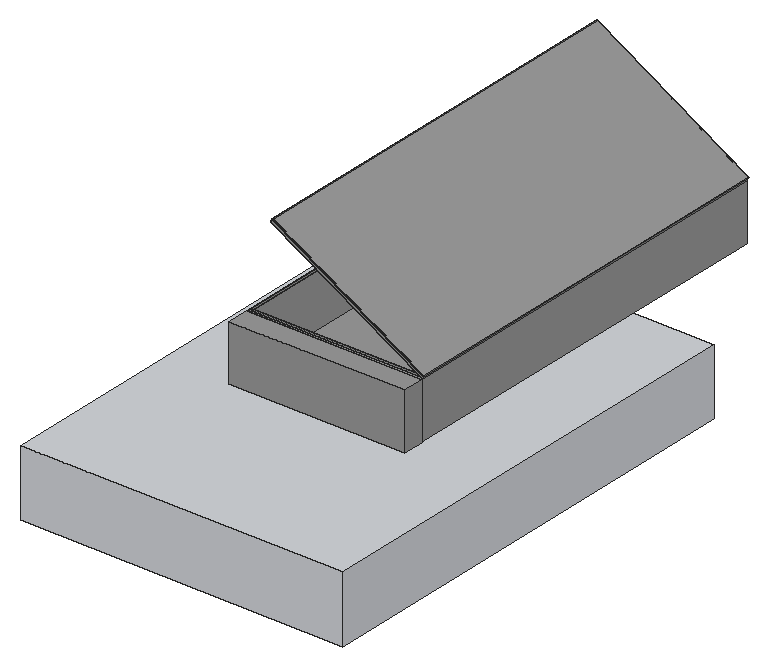
Revit family "Hager-Univers-IP55-D275-H1950-Cl.II-Steel_encl-CH-de", category Equipement électrique, Revit 2020
Family settings
  Hôte = Face
  Configuration du panneau = Deux colonnes, circuits au sein
  Cote de connecteur circulaire = Utiliser le diamètre
  Type d'élément = Tableau de raccordement
  Couper avec des vides une fois chargée = Non
  Partagée = Non
  Point de calcul de pièce = Non
Parameters (values of type "Bodenaufstellung IP55 B800 H1950 T275  - FR23S1")
  Width Control [instance] = if([EF000008 - Breite] > Min Width, [EF000008 - Breite], Min Width)  # 800 mm
  Commentaires du type = [HG000003 - Bereich]  # "Univers"
  Thickness Door [instance] = if([EF009171 - Materialstärke Tür/Deckel] > 3 mm, 3 mm, [EF009171 - Materialstärke Tür/Deckel])  # 1.5 mm
  Seal Frame Offset [instance] = 17 mm  # constant formula
  Plinth Visibility [instance] = [HG000027 - Sockelhöhe] > 0 mm  # yes
  Model = ""
  Min Width [instance] = 100 mm  # constant formula
  Min Height [instance] = 100 mm  # constant formula
  Min Depth [instance] = (2 * [EF009170 - Materialstärke Gehäuse]) + 1 mm  # 4 mm
  Internal Frame Depth [instance] = (Door System Depth * 0.5)  # 9 mm
  Height Control [instance] = if([EF000040 - Höhe] > Min Height, [EF000040 - Höhe], Min Height)  # 1950 mm
  HG000027 - Sockelhöhe = 100 mm
  HG000026 - Stehend auf dem Boden = yes
  HG000024 - Höhe des unteren Teils = 800 mm
  HG000023 - Gehäuse mit doppeltem Querschnitt = no
  HG000016 - 3D-Türsichtbarkeit [instance] = yes
  HG000015 - Sichtbarkeit der Türöffnung [instance] = no
  HG000014 - Tür rechts [instance] = yes
  HG000013 - Tür links [instance] = not([HG000014 - Tür rechts])  # no
  HG000012 - Türschwenkwinkel [instance] = 30.00°
  HG000010 - Asymmetrische Türen = no
  HG000009 - Doppelflügeligen Tür = no
  HG000006 - Unterputz = no
  HG000004 - Herstellerreferenz = "FR23S1"
  HG000003 - Bereich = "Univers"
  HG000002 - Mit tür = yes
  Frame Offset Bottom [instance] = 10 mm  # constant formula
  Frame Offset [instance] = 15 mm  # constant formula
  EF015940 - Deckel mit Überdruckentlastung = no
  EF011959 - Schutzart (NEMA) = ""
  EF009554 - Anzahl der Öffnungen für Flanschplatten = 6
  Fabricant = "Hager"  # constant formula
  EF009212 - Ausführung Deckel = "EV000116 - geschlossen"
  EF009171 - Materialstärke Tür/Deckel = 1.5 mm
  EF009170 - Materialstärke Gehäuse = 1.5 mm
  EF008873 - Nennstrom (In) = 800 A
  EF007800 - Geeignet für Blitzschutz = no
  EF006306 - Mit Schloss = no
  EF006244 - Transparenter Deckel/Tür = no
  EF005474 - Schutzart (IP) = "EV006420 - IP55"
  EF004464 - Art der Tür = "EV002646 - Einzel"
  EF004427 - Anzahl der Module = 432
  EF004293 - Schlagfestigkeit = "EV008784 - IK10"
  EF003532 - Geeignet für Außengebrauch = no
  EF002950 - Breite in Teilungseinheiten = 24
  EF001613 - Funktionserhalt = "EV000494 - ohne"
  EF001596 - Werkstoff des Gehäuses = "EV000179 - Stahl"
  EF001131 - Innentiefe = 275 mm
  EF001088 - Anbaumöglichkeit = yes
  EF000437 - Anzahl der Leitungseinführungen = 6
  EF000339 - Art der Abdeckung = "EV004216 - Tür"
  EF000266 - Anzahl der Reihen = 12
  EF000218 - Einbautiefe = 0 mm
  EF000118 - Mit Montageplatte = no
  EF000116 - RAL-Nummer = "7035"
  EF000049 - Tiefe = 275 mm
  EF000040 - Höhe = 1950 mm
  EF000008 - Breite = 800 mm
  EF000007 - Farbe = "EV000270 - grau"
  EF000003 - Montageart = "EV012274 - Bodenaufstellung"
  Door System Leaf Tolerance [instance] = 1.5 mm  # constant formula
  Door System Depth [instance] = 18 mm  # constant formula
  Door Height [instance] = Height Control - [HG000027 - Sockelhöhe]  # 1850 mm
  Depth Control [instance] = if([EF000049 - Tiefe] > Min Depth, [EF000049 - Tiefe], Min Depth)  # 275 mm
  Default Elevation = 0 mm
  Connector Offset [instance] = Height Control / 2  # 975 mm
  Bottom Top Plate Trim [instance] = 1.5 mm  # constant formula
  Plinth height Ctrl [instance] = if([HG000027 - Sockelhöhe] > 0 mm, [HG000027 - Sockelhöhe], 12 mm)  # 100 mm
Types (11, lengths in mm): name | Width Control | HG000010 - Asymmetrische Türen | HG000009 - Doppelflügeligen Tür | HG000004 - Herstellerreferenz | EF009554 - Anzahl der Öffnungen für Flanschplatten | EF006244 - Transparenter Deckel/Tür | EF004464 - Art der Tür | EF004427 - Anzahl der Module | EF000437 - Anzahl der Leitungseinführungen | EF000008 - Breite
  Bodenaufstellung IP55 B1050 H1950 T275  - FR24L1 | 1050 | yes | yes | "FR24L1" | 8 | yes | "EV003602 - Doppel" | 576 | 8 | 1050
  Bodenaufstellung IP55 B1050 H1950 T275  - FR24S1 | 1050 | yes | yes | "FR24S1" | 8 | no | "EV003602 - Doppel" | 576 | 8 | 1050
  Bodenaufstellung IP55 B1300 H1950 T275  - FR25L1 | 1300 | yes | yes | "FR25L1" | 10 | yes | "EV003602 - Doppel" | 720 | 10 | 1300
  Bodenaufstellung IP55 B1300 H1950 T275  - FR25S1 | 1300 | yes | yes | "FR25S1" | 10 | no | "EV003602 - Doppel" | 720 | 10 | 1300
  Bodenaufstellung IP55 B1550 H1950 T275  - FR26L1 | 1550 | yes | yes | "FR26L1" | 12 | yes | "EV003602 - Doppel" | 864 | 12 | 1550
  Bodenaufstellung IP55 B1550 H1950 T275  - FR26S1 | 1550 | yes | yes | "FR26S1" | 12 | no | "EV003602 - Doppel" | 864 | 12 | 1550
  Bodenaufstellung IP55 B300 H1950 T275  - FR21S1 | 300 | no | no | "FR21S1" | 2 | no | "EV002646 - Einzel" | 144 | 2 | 300
  Bodenaufstellung IP55 B550 H1950 T275  - FR22L1 | 550 | no | no | "FR22L1" | 4 | yes | "EV002646 - Einzel" | 288 | 4 | 550
  Bodenaufstellung IP55 B550 H1950 T275  - FR22S1 | 550 | no | no | "FR22S1" | 4 | no | "EV002646 - Einzel" | 288 | 4 | 550
  Bodenaufstellung IP55 B800 H1950 T275  - FR23L1 | 800 | no | no | "FR23L1" | 6 | yes | "EV002646 - Einzel" | 432 | 6 | 800
  Bodenaufstellung IP55 B800 H1950 T275  - FR23S1 | 800 | no | no | "FR23S1" | 6 | no | "EV002646 - Einzel" | 432 | 6 | 800
Reference planes
  plane 1 "Center (Front/Back)": y = 0
  plane 2: z = 0
  plane 3 "Center (Left/Right)": x = 0
  plane 4: z = 275
  plane 5: y = 101.5
  plane 6: y = 1025
  plane 7: y = 100
  plane 8: y = 1950
  plane 9: z = 0
  plane 10: x = -385
  plane 11: x = 385
  plane 12: x = 383.5
  plane 13: x = -383.5
  plane 14: y = 1948.5
  plane 15: x = -383
  plane 16: x = -400
  plane 17: x = 383
  plane 18: x = 400
  plane 19: x = 398.5
  plane 20: x = -398.5
  plane 21: y = 111.5
  plane 22: y = 1950
  plane 23: y = 1933.5
  plane 24: z = 257
  plane 25: z = 1.5
  plane 26: z = 255.5
  plane 27: z = 273.5
Forms (mm)
  Extrusion 1, solid
    sketch origin (0, 0, 0) x (1, 0, 0) y (0, 1, 0)
      loop
        line (-702.964, 1305) -> (-702.964, -811.445) -> (766.763, -811.445) -> (766.763, 1305) -> (-702.964, 1305)
    from 0 to -304.8
  Extrusion 2, solid, material "Hager_Steel_RAL7035_Light_Grey", visible <- "Plinth Visibility", detail levels medium+fine
    sketch origin (0, 0, 0) x (1, 0, 0) y (0, 1, 0)
      loop
        line (-400, 0) -> (400, 0) -> (400, 100) -> (-400, 100) -> (-400, 0)
    from 0 to 257
  Extrusion 3, solid, material "Hager_Steel_RAL7035_Light_Grey", detail levels medium+fine
    sketch origin (0, 0, 0) x (1, 0, 0) y (0, 1, 0)
      loop
        line (-400, 100) -> (400, 100) -> (400, 1950) -> (-400, 1950) -> (-400, 100)
    from 0 to 257
  Extrusion 4, void
    sketch origin (0, 0, 0) x (1, 0, 0) y (0, 1, 0)
      loop
        line (-398.5, 101.5) -> (398.5, 101.5) -> (398.5, 1948.5) -> (-398.5, 1948.5) -> (-398.5, 101.5)
    from 1.5 to 255.5
  Extrusion 5, void
    sketch origin (-381.607, -4572, 257) x (0, -1, 0) y (-1, 0, 0)
      loop
        line (-4683.5, 1.893) -> (-6505.5, 1.893) -> (-6505.5, -765.107) -> (-4683.5, -765.107) -> (-4683.5, 1.893)
    from 0 to 1.5 <- "EF009170 - Materialstärke Gehäuse"
  Extrusion 6, solid, material "Hager_Steel_RAL7035_Light_Grey", detail levels fine
    sketch origin (0, 0, 257) x (1, 0, 0) y (0, 1, 0)
      loop
        line (-383.5, 1933.5) -> (-383.5, 111.5) -> (383.5, 111.5) -> (383.5, 1933.5) -> (-383.5, 1933.5)
      loop
        line (-385, 110) -> (385, 110) -> (385, 1935) -> (-385, 1935) -> (-385, 110)
    from 0 to 9 <- "Internal Frame Depth"
  Extrusion 7, solid, material "Hager_Steel_RAL7035_Light_Grey", detail levels coarse
    sketch origin (0, 0, 0) x (1, 0, 0) y (0, 1, 0)
      loop
        line (-400, 0) -> (400, 0) -> (400, 1950) -> (-400, 1950) -> (-400, 0)
    from 0 to 275
  Sweep 8, void
    path in 3D
      loop
        line (-400, 100, 0) -> (400, 100, 0) -> (400, 100, 257) -> (-400, 100, 257) -> (-400, 100, 0)
    profile origin (-400, 100, 128.5) x (-1, 0, 0) y (0, -1, 0)
      loop
        line (0, 0) -> (0, 1.5) -> (-1.5, 1.5)
        arc (-1.5, 1.5) -> (-1.061, 0.439) -> (0, 0) r 1.5
Cuts and joins
  Extrusion 4, Extrusion 5 cuts Extrusion 3
  Sweep 8 cuts Extrusion 2
Lines and regions (mm)
  Masking region 1
    outline origin (0, 0, 0) x (1, 0, 0) y (0, 0, 1)
      loop
        line (-400, 275) -> (-400, 0) -> (400, 0) -> (400, 275) -> (-400, 275)
  Masking region 2, detail levels medium+fine
    outline origin (0, 140, 0) x (0, 1, 0) y (0, 0, 1)
      loop
        line (-40, 0) -> (1810, 0) -> (1810, 257) -> (-40, 257) -> (-40, 0)
  Masking region 3, not visible, detail levels medium+fine
    outline origin (0, 297.922, 0) x (0, 1, 0) y (0, 0, 1)
      loop
        line (738.578, 0) -> (778.578, 0) -> (778.578, 263.5)
        arc (778.578, 263.5) -> (775.649, 270.571) -> (768.578, 273.5) r 10
        line (768.578, 273.5) -> (738.578, 273.5) -> (738.578, 0)
  Masking region 4, detail levels coarse
    outline origin (0, 0, 180) x (0, 1, 0) y (0, 0, 1)
      loop
        line (0, -180) -> (1950, -180) -> (1950, 95) -> (0, 95) -> (0, -180)
  Masking region 5, visible <- "Plinth Visibility", detail levels medium+fine
    outline origin (0, 52.24, 12.345) x (0, 0, -1) y (0, 1, 0)
      loop
        line (10.845, 47.76) -> (-243.155, 47.76)
        arc (-243.155, 47.76) -> (-243.594, 46.699) -> (-244.655, 46.26) r 1.5
        line (-244.655, 46.26) -> (-244.655, -52.24) -> (12.345, -52.24) -> (12.345, 46.26)
        arc (12.345, 46.26) -> (11.285, 46.699) -> (10.845, 47.76) r 1.5
  Masking region 6, detail levels medium+fine
    outline origin (-381.607, -4572, 257) x (-1, 0, 0) y (0, -1, 0)
      loop
        line (18.393, -6522) -> (18.393, -4672) -> (-781.607, -4672) -> (-781.607, -6522) -> (18.393, -6522)
  Masking region 7, visible <- "Plinth Visibility", detail levels medium+fine
    outline origin (-381.607, -4727, 257) x (-1, 0, 0) y (0, -1, 0)
      loop
        arc (16.893, -4827) -> (17.332, -4825.939) -> (18.393, -4825.5) r 1.5
        line (18.393, -4825.5) -> (18.393, -4727) -> (-781.607, -4727) -> (-781.607, -4825.5)
        arc (-781.607, -4825.5) -> (-780.546, -4825.939) -> (-780.107, -4827) r 1.5
        line (-780.107, -4827) -> (16.893, -4827)
  Masking region 8, detail levels coarse
    outline origin (-442.548, -4669.526, 257) x (-1, 0, 0) y (0, -1, 0)
      loop
        line (-42.548, -6619.526) -> (-42.548, -4669.526) -> (-842.548, -4669.526) -> (-842.548, -6619.526) -> (-42.548, -6619.526)
  sketch lines
    curve 1: line (-400, 100, 257) -> (-400, 100, 0)
    curve 2: line (400, 100, 257) -> (-400, 100, 257)
    curve 3: line (400, 100, 257) -> (400, 100, 0)
    curve 4: line (-400, 100, 0) -> (400, 100, 0)
Dimensions and locks
  "Depth Control": plane 4 to Extrusion 1
  "HG000027 - Sockelhöhe": plane 1 "Center (Front/Back)" to plane 7
  "EF009170 - Materialstärke Gehäuse": plane 5 to plane 7
  locked: connector elem to plane 3 "Center (Left/Right)"
  equal spacing: plane 8, plane 6, plane 7
  locked: connector elem to plane 6
  "EF009170 - Materialstärke Gehäuse": plane 8 to plane 14
  "EF009170 - Materialstärke Gehäuse": plane 10 to plane 13
  "EF009170 - Materialstärke Gehäuse": plane 12 to plane 11
  "Frame Offset": plane 20 to plane 13
  "Frame Offset": plane 12 to plane 19
  "EF009170 - Materialstärke Gehäuse": plane 16 to plane 20
  "EF009170 - Materialstärke Gehäuse": plane 19 to plane 18
  "Seal Frame Offset": plane 16 to plane 15
  "Seal Frame Offset": plane 17 to plane 18
  "Frame Offset Bottom": plane 21 to plane 5
  "Frame Offset": plane 14 to plane 23
  equal spacing: plane 16, plane 3 "Center (Left/Right)", plane 18
  "Width Control": plane 16 to plane 18
  "EF009170 - Materialstärke Gehäuse": plane 4 to plane 27
  "EF009170 - Materialstärke Gehäuse": plane 24 to plane 26
  "EF009170 - Materialstärke Gehäuse": plane 25 to level
  "Door System Depth": plane 4 to plane 24
  "Height Control": plane 1 "Center (Front/Back)" to Extrusion 7 sketch curve
  "Height Control": Masking region 4 sketch curve to plane 1 "Center (Front/Back)"
  "Height Control": plane 1 "Center (Front/Back)" to plane 22
  "Bottom Top Plate Trim": profile plane to Sweep 8 sketch curve
  "Bottom Top Plate Trim": Sweep 8 sketch curve to profile plane
  "Plinth height Ctrl": plane 1 "Center (Front/Back)" to Extrusion 2 sketch curve
  "Plinth height Ctrl": Masking region 5 sketch curve to plane 1 "Center (Front/Back)"
  "Plinth height Ctrl": plane 1 "Center (Front/Back)" to Masking region 7 sketch curve
  "Thickness Door": Extrusion 6 sketch curve to Extrusion 6 sketch curve  (x3)
  "Thickness Door": cut or joined group of Extrusion 3, Extrusion 4, Extrusion 5 to Extrusion 6 sketch curve
  radius of Masking region 3 sketch curve = 10 mm
  "Bottom Top Plate Trim": radius of Masking region 5 sketch curve  (x2)
  "Bottom Top Plate Trim": radius of Sweep 8 sketch curve
  "Bottom Top Plate Trim": radius of Masking region 7 sketch curve  (x2)
  aligned and locked: plane 2 to Extrusion 1
  aligned and locked: level to Extrusion 1
  aligned and locked: level to Masking region 1 sketch curve
  aligned and locked: Masking region 1 sketch curve to plane 18
  aligned and locked: Masking region 1 sketch curve to plane 16
  aligned and locked: plane 7 to Masking region 2 sketch curve
  aligned and locked: level to Masking region 3 sketch curve
  aligned and locked: Masking region 3 sketch curve to plane 27
  aligned and locked: level to Masking region 2 sketch curve
  aligned and locked: plane 1 "Center (Front/Back)" to Extrusion 2 sketch curve
  aligned and locked: Extrusion 3 sketch curve to plane 7
  aligned and locked: plane 16 to Extrusion 3 sketch curve
  aligned and locked: plane 18 to Extrusion 3 sketch curve
  aligned and locked: plane 20 to Extrusion 4 sketch curve
  aligned and locked: plane 19 to Extrusion 4 sketch curve
  aligned and locked: Extrusion 4 sketch curve to plane 5
  aligned and locked: Extrusion 4 to plane 25
  aligned and locked: plane 26 to Extrusion 4
  aligned and locked: plane 24 to Extrusion 3
  aligned and locked: Extrusion 5 sketch curve to plane 21
  aligned and locked: Extrusion 5 sketch curve to plane 13
  aligned and locked: Extrusion 5 sketch curve to plane 12
  aligned and locked: plane 18 to Extrusion 7 sketch curve
  aligned and locked: plane 1 "Center (Front/Back)" to Extrusion 7 sketch curve
  aligned and locked: plane 16 to Extrusion 7 sketch curve
  aligned and locked: plane 4 to Extrusion 7
  aligned and locked: Extrusion 7 to level
  aligned and locked: level to Masking region 4 sketch curve
  aligned and locked: Masking region 4 sketch curve to plane 1 "Center (Front/Back)"
  aligned and locked: Masking region 4 sketch curve to plane 4
  aligned and locked: nested 1 to level
  aligned and locked: nested 1 to plane 16
  aligned and locked: plane 8 to Extrusion 3 sketch curve
  aligned and locked: plane 23 to Extrusion 5 sketch curve
  aligned and locked: plane 14 to Extrusion 4 sketch curve
  aligned and locked: Masking region 2 sketch curve to plane 8
  aligned and locked: level to Masking region 5 sketch curve
  aligned and locked: plane 16 to Extrusion 2 sketch curve
  aligned and locked: plane 18 to Extrusion 2 sketch curve
  aligned and locked: Masking region 5 sketch curve to plane 24
  aligned and locked: Masking region 2 sketch curve to plane 24
  aligned and locked: plane 24 to Extrusion 2
  aligned and locked: profile plane to Sweep 8 sketch curve  (x2)
  aligned and locked: Masking region 6 sketch curve to plane 18
  aligned and locked: Masking region 6 sketch curve to plane 22
  aligned and locked: Masking region 6 sketch curve to plane 16
  aligned and locked: plane 8 to plane 22
  aligned and locked: Masking region 6 sketch curve to plane 7
  aligned and locked: Masking region 7 sketch curve to plane 16
  aligned and locked: Masking region 7 sketch curve to plane 1 "Center (Front/Back)"
  aligned and locked: Masking region 7 sketch curve to plane 18
  aligned and locked: Masking region 8 sketch curve to plane 1 "Center (Front/Back)"
  aligned and locked: Masking region 8 sketch curve to plane 18
  aligned and locked: Masking region 8 sketch curve to plane 22
  aligned and locked: Masking region 8 sketch curve to plane 16
  aligned and locked: nested 2 to plane 7
  aligned and locked: plane 3 "Center (Left/Right)" to nested 2
  aligned and locked: nested 2 to plane 24
  aligned and locked: Extrusion 6 sketch curve to cut or joined group of Extrusion 3, Extrusion 4, Extrusion 5  (x4)
Automatic sketch dimensions
  Extrusion 1 sketch curve to Extrusion 1 sketch curve = 1469.727 mm
  Extrusion 1 sketch curve to Extrusion 1 sketch curve = 2116.445 mm
  Masking region 1 sketch curve to plane 4 = 0 mm
  plane 6 to Masking region 3 sketch curve = 11.5 mm
  Masking region 3 sketch curve to Masking region 3 sketch curve = 30 mm
  Masking region 5 sketch curve to plane 1 "Center (Front/Back)" = 0 mm
Nested families
  nested 1: "Hager_Enclosure_Symbol" at (-400, 0, 0) x (1, 0, 0) z (0, -1, 0), Height <- "Depth Control", Width <- "Width Control", type "Hager_Enclosure_Symbol"
    with Width_Ctrl 800 mm, Width 800 mm, Height_Ctrl 275 mm, Height 275 mm, A_Width_Int 18.047 mm, A_Width 216.562 mm, A_Height_Ctrl 240.625 mm, A_Height 240.625 mm
  nested 2: "EC000058_Univers_Door" at (0, 100, 257) x (1, 0, 0) z (0, 1, 0), Leaf_Tolerance <- "Door System Leaf Tolerance", Angle <- "HG000012 - Türschwenkwinkel", Door_Depth <- "Door System Depth", Door_Left <- "HG000013 - Tür links", Transparent <- "EF006244 - Transparenter Deckel/Tür", Assymetrical <- "HG000010 - Asymmetrische Türen", Width <- "Width Control", Clearance <- "HG000015 - Sichtbarkeit der Türöffnung", Double <- "HG000009 - Doppelflügeligen Tür", 3d_Door <- "HG000016 - 3D-Türsichtbarkeit", Lock_Visibility <- "EF006306 - Mit Schloss", Width_Ctrl <- "Width Control", Door_Right <- "HG000014 - Tür rechts", Door <- "HG000002 - Mit tür", Height <- "Door Height", Thickness <- "Thickness Door", type "EC000058_Univers_Door", detail levels medium+fine
    with min_wh 4 mm, Width_Ctrl 800 mm, Width 800 mm, Transparent no, Thickness 1.5 mm, Seal_Material Hager_Rubber, Lock_Visibility no, Lock_Material Hager_Plastic_RAL9005_Jet_Black, Leaf_Width 800 mm, Leaf_Tolerance_External_Sides 0 mm, Leaf_Tolerance 1.5 mm, Leaf_Offset 0 mm, Leaf_Height 1847 mm, Leaf_2_Width 800 mm, Leaf_2_Offset 400 mm, Leaf_1_Width 800 mm, Leaf_1_Offset 400 mm, Height_Ctrl 1850 mm, Height 1850 mm, Glass_Material Hager_Glass, Double_Clearance_Ctrl no, Double no, Door_Right_Ctrl yes, Door_Right yes, Door_Material Hager_Steel_RAL7035_Light_Grey, Door_Left_Ctrl no, Door_Left no, Door_Depth 18 mm, Door yes, Clearance_Material Hager_Clearance, Clearance_Depth 800 mm, Clearance_Ctrl no, Clearance no, Assymetrical no, Angle 30.00°, 3d_Door yes
Connectors
  electrical at (0, 1025, 0)
    settings: on plane 9, index 1, voltage 0 V, apparent load 0 VA, apparent load phase1 0 VA, apparent load phase2 0 VA, apparent load phase3 0 VA, power factor 1, load classification "Other", number of poles 1, system type 30, power factor state 1, is connector primary yes, connector utility no, sub classification motor no, connector description ""
Definition of nested family "EC000058_Univers_Door"
  Parameters (values of type "EC000058_Univers_Door")
    min_wh [instance] = (2 * Thickness) + 1 mm  # 11 mm
    Width_Ctrl [instance] = 400 mm
    Width [instance] = 500 mm
    Transparent [instance] = yes
    Thickness [instance] = 5 mm
    Seal_Material [instance] = none
    Lock_Visibility [instance] = yes
    Lock_Material [instance] = none
    Leaf_Width [instance] = if((Width_Ctrl - 2 * Leaf_Tolerance_External_Sides) > 0 mm, (Width_Ctrl - 2 * Leaf_Tolerance_External_Sides), min_wh)  # 400 mm
    Leaf_Tolerance_External_Sides [instance] = 0 mm  # constant formula
    Leaf_Tolerance [instance] = 1.5 mm
    Leaf_Offset [instance] = 0 mm  # constant formula
    Leaf_Height [instance] = if((Height_Ctrl - 2 * Leaf_Tolerance) > 0 mm, (Height_Ctrl - 2 * Leaf_Tolerance), min_wh)  # 497 mm
    Leaf_2_Width [instance] = if(and(and(Double, Assymetrical), Door_Left), (Leaf_Width / 3) - (Leaf_Tolerance / 2), if(and(and(Double, Assymetrical), Door_Right), (Leaf_Width / 3) * 2 - (Leaf_Tolerance / 2), if(and(Double, not(Assymetrical)), (Leaf_Width / 2) - Leaf_Tolerance, Leaf_Width)))  # 400 mm
    Leaf_2_Offset [instance] = if(and(Double, Assymetrical), Leaf_2_Width / 2, if(and(Double, not(Assymetrical)), Leaf_Width / 4, Leaf_Width / 2))  # 200 mm
    Leaf_1_Width [instance] = if(and(and(Double, Assymetrical), Door_Right), (Leaf_Width / 3) - (Leaf_Tolerance / 2), if(and(and(Double, Assymetrical), Door_Left), (Width / 3) * 2 - (Leaf_Tolerance / 2), if(and(Double, not(Assymetrical)), (Leaf_Width / 2) - Leaf_Tolerance, Leaf_Width)))  # 400 mm
    Leaf_1_Offset [instance] = if(and(Double, Assymetrical), Leaf_1_Width / 2, if(and(Double, not(Assymetrical)), Leaf_Width / 4, Leaf_Width / 2))  # 200 mm
    Height_Ctrl [instance] = if(Height > min_wh, Height, min_wh)  # 500 mm
    Height [instance] = 500 mm
    Glass_Material [instance] = none
    Double_Clearance_Ctrl [instance] = and(Double, Clearance)  # no
    Double [instance] = no
    Door_Right_Ctrl [instance] = and(or(Door_Right, Double), Door)  # yes
    Door_Right [instance] = yes
    Door_Material [instance] = none
    Door_Left_Ctrl [instance] = and(or(Door_Left, Double), Door)  # no
    Door_Left [instance] = no
    Door_Depth [instance] = 30 mm
    Door [instance] = yes
    Default Elevation = 1219.2 mm
    Clearance_Material [instance] = none
    Clearance_Depth [instance] = if(Leaf_1_Width > Leaf_2_Width, Leaf_1_Width, Leaf_2_Width)  # 400 mm
    Clearance_Ctrl [instance] = and(not(Double), Clearance)  # yes
    Clearance [instance] = yes
    Assymetrical [instance] = yes
    Angle [instance] = 30.00°
    3d_Door [instance] = yes
  Reference planes
    plane 1 "Center (Front/Back)": y = 0
    plane 2 "Bottom": z = 0
    plane 3 "Center (Left/Right)": x = 0
    plane 4: z = 500
    plane 5: x = -200
    plane 6: x = 200
    plane 7: z = 500
    plane 8: x = -200
    plane 9: z = 0
    plane 10: x = 200
    plane 11: y = 0
    plane 12: z = 1.5
    plane 13: x = -600
    plane 14: y = -400
    plane 15: x = 600
    plane 16: x = 0
    plane 17: x = 0
    plane 18: x = -200
    plane 19: x = 200
    plane 20: z = 498.5
  Forms (mm)
    Extrusion 1, solid, material <- "Clearance_Material", visible <- "Double_Clearance_Ctrl"
      sketch origin (1200, 0, 0) x (1, 0, 0) y (0, 0, -1)
        loop
          line (-1800, -498.5) -> (-600, -498.5) -> (-600, 0) -> (-1800, 0) -> (-1800, -498.5)
      from 0 to -400
  Dimensions and locks
    equal spacing: plane 5, plane 3 "Center (Left/Right)", plane 6
    "Width_Ctrl": plane 5 to plane 6
    "Leaf_Offset": plane 5 to plane 8
    "Leaf_Offset": plane 6 to plane 10
    "Leaf_Offset": plane 9 to level
    "Leaf_Offset": plane 4 to plane 7
    "Height_Ctrl": plane 4 to level
    "Leaf_Tolerance": plane 12 to plane 9
    locked: plane 11 to plane 1 "Center (Front/Back)"
    "Leaf_1_Offset": plane 18 to plane 16
    "Leaf_2_Offset": plane 17 to plane 19
    "Leaf_1_Width": plane 13 to plane 8
    "Leaf_2_Width": plane 10 to plane 15
    "Clearance_Depth": plane 14 to plane 1 "Center (Front/Back)"
    "Leaf_Tolerance_External_Sides": plane 8 to plane 18
    "Leaf_Tolerance_External_Sides": plane 19 to plane 10
    "Leaf_Tolerance": plane 7 to plane 20
    aligned and locked: level to plane 2 "Bottom"
    aligned and locked: nested 1 to plane 16
    aligned and locked: nested 2 to plane 17
    aligned and locked: Extrusion 1 to plane 13
    aligned and locked: plane 15 to Extrusion 1
    aligned and locked: Extrusion 1 to plane 14
    aligned and locked: plane 12 to nested 1
    aligned and locked: nested 2 to plane 12
    aligned and locked: Extrusion 1 to plane 11
    aligned and locked: plane 20 to Extrusion 1
    aligned and locked: nested 2 to plane 11
    aligned and locked: nested 1 to plane 11
  Automatic sketch dimensions
    Extrusion 1 sketch curve to level = 0 mm
    plane 5 to Extrusion 1 sketch curve = 400 mm
    plane 6 to Extrusion 1 sketch curve = 400 mm
    Extrusion 1 sketch curve to plane 4 = 1.5 mm
  Nested families
    nested 1: "EC000058_Univers_Door_Leaf" at (0, 0, 1.5), Width <- "Leaf_1_Width", visible <- "Door_Left_Ctrl", Leaf_Height <- "Leaf_Height", Angle <- "Angle", 3d_Door <- "3d_Door", Transparent <- "Transparent", Clearance Material <- "Clearance_Material", Clearance <- "Clearance_Ctrl", Door_Material <- "Door_Material", Glass_Material <- "Glass_Material", Door_Depth <- "Door_Depth", Lock_Material <- "Lock_Material", Seal_Material <- "Seal_Material", Lock_Visibility <- "Lock_Visibility", Thickness <- "Thickness", type "EC000058_Univers_Door_Leaf"
      with Width 400 mm, Transparent_Glass_Offset 30 mm, Transparent_Ctrl yes, Transparent yes, Thickness 5 mm, Standard no, Seal_Material none, Seal_D2 8 mm, Seal_D1 1 mm, Offset_Internal_Frame 10 mm, Lock_Width 20 mm, Lock_Visibility_3d yes, Lock_Visibility yes, Lock_Thickness_3 3 mm, Lock_Thickness_2 1 mm, Lock_Thickness_1 3 mm, Lock_Radius_Offset_2 16 mm, Lock_Radius_Offset_1 15 mm, Lock_Radius_2 5 mm, Lock_Radius 6 mm, Lock_Offset 5 mm, Lock_Material none, Lock_Height 80 mm, Lock_Cover_Top_Offset_2d 17 mm, Lock_Cover_Height -65 mm, Leaf_Height 497 mm, Internal_Seal_Thickness 8 mm, Internal_Seal_Depth_2 4.5 mm, Internal_Frame_Depth 25 mm, Glass_Thickness -1 mm, Glass_Offset -2 mm, Glass_Material none, Door_Material none, Door_Depth 30 mm, Clearance Material none, Clearance yes, Angle_Ctrl 30.00°, Angle 30.00°, 3d_Door yes
    nested 2: "EC000058_Univers_Door_Leaf" at (0, 0, 1.5) x (-1, 0, 0) z (0, 0, 1), Width <- "Leaf_2_Width", visible <- "Door_Right_Ctrl", Leaf_Height <- "Leaf_Height", Angle <- "Angle", 3d_Door <- "3d_Door", Transparent <- "Transparent", Clearance Material <- "Clearance_Material", Clearance <- "Clearance_Ctrl", Door_Material <- "Door_Material", Glass_Material <- "Glass_Material", Door_Depth <- "Door_Depth", Lock_Material <- "Lock_Material", Seal_Material <- "Seal_Material", Lock_Visibility <- "Lock_Visibility", Thickness <- "Thickness", type "EC000058_Univers_Door_Leaf"
      with Width 400 mm, Transparent_Glass_Offset 30 mm, Transparent_Ctrl yes, Transparent yes, Thickness 5 mm, Standard no, Seal_Material none, Seal_D2 8 mm, Seal_D1 1 mm, Offset_Internal_Frame 10 mm, Lock_Width 20 mm, Lock_Visibility_3d yes, Lock_Visibility yes, Lock_Thickness_3 3 mm, Lock_Thickness_2 1 mm, Lock_Thickness_1 3 mm, Lock_Radius_Offset_2 16 mm, Lock_Radius_Offset_1 15 mm, Lock_Radius_2 5 mm, Lock_Radius 6 mm, Lock_Offset 5 mm, Lock_Material none, Lock_Height 80 mm, Lock_Cover_Top_Offset_2d 17 mm, Lock_Cover_Height -65 mm, Leaf_Height 497 mm, Internal_Seal_Thickness 8 mm, Internal_Seal_Depth_2 4.5 mm, Internal_Frame_Depth 25 mm, Glass_Thickness -1 mm, Glass_Offset -2 mm, Glass_Material none, Door_Material none, Door_Depth 30 mm, Clearance Material none, Clearance yes, Angle_Ctrl 30.00°, Angle 30.00°, 3d_Door yes
  Definition of nested family "EC000058_Univers_Door_Leaf"
    Parameters (values of type "EC000058_Univers_Door_Leaf")
      Width [instance] = 2000 mm
      Transparent_Glass_Offset [instance] = 30 mm
      Transparent_Ctrl [instance] = and(Transparent, [3d_Door])  # yes
      Transparent [instance] = yes
      Thickness [instance] = 5 mm
      Standard [instance] = and(not(Transparent), [3d_Door])  # no
      Seal_Material [instance] = none
      Seal_D2 [instance] = 8 mm  # constant formula
      Seal_D1 [instance] = 1 mm  # constant formula
      Offset_Internal_Frame [instance] = 10 mm  # constant formula
      Lock_Width [instance] = 20 mm  # constant formula
      Lock_Visibility_3d [instance] = and(Lock_Visibility, [3d_Door])  # yes
      Lock_Visibility [instance] = yes
      Lock_Thickness_3 [instance] = 3 mm  # constant formula
      Lock_Thickness_2 [instance] = 1 mm  # constant formula
      Lock_Thickness_1 [instance] = 3 mm  # constant formula
      Lock_Radius_Offset_2 [instance] = Lock_Radius_Offset_1 + 1 mm  # 16 mm
      Lock_Radius_Offset_1 [instance] = 15 mm  # constant formula
      Lock_Radius_2 [instance] = Lock_Radius - 1 mm  # 5 mm
      Lock_Radius [instance] = 6 mm  # constant formula
      Lock_Offset [instance] = 5 mm  # constant formula
      Lock_Material [instance] = none
      Lock_Height [instance] = 80 mm  # constant formula
      Lock_Cover_Top_Offset_2d [instance] = Lock_Radius_Offset_2 + 1 mm  # 17 mm
      Lock_Cover_Height [instance] = -(Lock_Height - Lock_Radius_Offset_1)  # -65 mm
      Leaf_Height [instance] = 2720.336 mm
      Internal_Seal_Thickness [instance] = 8 mm  # constant formula
      Internal_Seal_Depth_2 [instance] = 4.5 mm  # constant formula
      Internal_Frame_Depth [instance] = if(Door_Depth - Thickness > 5 mm, Door_Depth - Thickness, 5 mm)  # 25 mm
      Glass_Thickness [instance] = if(Thickness > 15 mm, Glass_Offset + 10 mm, -1 mm)  # -1 mm
      Glass_Offset [instance] = if(Thickness > 15 mm, -(Thickness + 10 mm) / 2, -2 mm)  # -2 mm
      Glass_Material [instance] = none
      Door_Material [instance] = none
      Door_Depth [instance] = 30 mm
      Default Elevation = 0 mm
      Clearance Material [instance] = none
      Clearance [instance] = yes
      Angle_Ctrl [instance] = if(Angle > 180.00°, 180.00°, Angle)  # 90.00°
      Angle [instance] = 90.00°
      3d_Door [instance] = yes
    Reference planes
      plane 1 "Center (Front/Back)": y = 0
      plane 2: z = 0
      plane 3 "Center (Left/Right)": x = 0
      plane 4: y = 2000
      plane 5: x = -1000
      plane 6: x = 1000
      plane 7: x = -3000
      plane 8: z = 2720.336
      plane 9: z = 30
      plane 10: z = 2690.336
      plane 11: x = 970
      plane 12: x = -970
      plane 13: y = -3
      plane 14: z = 107.833
      plane 15: y = -5
      plane 16: y = -223.314
      plane 17: x = -1000
      plane 18: z = 1360.168
      plane 19: y = 30
    Forms (mm)
      Extrusion 1, solid, material <- "Clearance Material", visible <- "Clearance"
        sketch origin (0, 0, 0) x (1, 0, 0) y (0, 0, 1)
          loop
            line (-3000, 2720.336) -> (-3000, 0) -> (1000, 0) -> (1000, 2720.336) -> (-3000, 2720.336)
        from 0 to -2000
      Extrusion 2, solid, material <- "Door_Material", visible <- "Standard", detail levels medium+fine
        sketch origin (-1000, 0, 0) x (0, 1, 0) y (-1, 0, 0)
          loop
            line (0, 30) -> (0, 25) -> (2000, 25) -> (2000, 30) -> (0, 30)
        from 0 to 2720.336 <- "Leaf_Height"
      Extrusion 3, solid, material <- "Door_Material", visible <- "Transparent_Ctrl", detail levels medium+fine
        sketch origin (-1000, 0, 0) x (0, 1, 0) y (-1, 0, 0)
          loop
            line (0, 25) -> (2000, 25) -> (2000, 30) -> (0, 30) -> (0, 25)
        from 0 to 2720.336 <- "Leaf_Height"
      Extrusion 4, void
        sketch origin (-1025, 2000, 0) x (0, 1, 0) y (0, 0, -1)
          loop
            line (-30, -2690.336) -> (-30, -30) -> (-1970, -30) -> (-1970, -2690.336) -> (-30, -2690.336)
        from 0 to 5 <- "Thickness"
      Sweep 5, solid, material <- "Seal_Material", visible <- "Transparent_Ctrl", detail levels fine
        path in 3D
          loop
            line (-1025, 30, 30) -> (-1025, 30, 2690.336) -> (-1025, 1970, 2690.336) -> (-1025, 1970, 30) -> (-1025, 30, 30)
        profile origin (-1025, 1000, 30) x (1, 0, 0) y (0, 0, 1)
          loop
            line (0, 0) -> (0, -8) -> (1, -8) -> (1, 0) -> (0, 0)
      Extrusion 6, solid, material <- "Glass_Material", visible <- "Transparent_Ctrl", detail levels medium+fine
        sketch origin (-1030, 0, 0) x (0, 1, 0) y (0, 0, -1)
          loop
            line (1970, -2690.336) -> (1970, -30) -> (30, -30) -> (30, -2690.336) -> (1970, -2690.336)
        from -2 <- "Glass_Offset" to -1 <- "Glass_Thickness"
      Extrusion 7, solid, material <- "Door_Material", visible <- "3d_Door", detail levels medium+fine
        sketch origin (-1025, 2000, 0) x (0, -1, 0) y (0, 0, -1)
          loop
            line (0, -2720.336) -> (2000, -2720.336) -> (2000, 0) -> (0, 0) -> (0, -2720.336)
          loop
            line (1995, -5) -> (5, -5) -> (5, -2715.336) -> (1995, -2715.336) -> (1995, -5)
        from 0 to 25 <- "Internal_Frame_Depth"
      Sweep 8, solid, material <- "Seal_Material", visible <- "Transparent_Ctrl", detail levels fine
        path in 3D
          loop
            line (-1025, 0, 0) -> (-1025, 2000, 0) -> (-1025, 2000, 2720.336) -> (-1025, 0, 2720.336) -> (-1025, 0, 0)
        profile origin (-1025, 0, 1360.168) x (1, 0, 0) y (0, 1, 0)
          loop
            line (0, 10) -> (2.975, 10)
            arc (2.975, 10) -> (4.053, 10.447) -> (4.5, 11.525) r 1.525
            line (4.5, 11.525) -> (4.5, 16.527)
            arc (4.5, 16.527) -> (4.069, 17.569) -> (3.027, 18) r 1.473
            line (3.027, 18) -> (0, 18) -> (0, 10)
      Extrusion 9, solid, material <- "Lock_Material", visible <- "Lock_Visibility_3d", detail levels fine
        sketch origin (-1030, 0, 0) x (0, 1, 0) y (0, 0, -1)
          loop
            arc (1993.5, -1400.168) -> (1994.561, -1399.729) -> (1995, -1398.668) r 1.5
            line (1995, -1398.668) -> (1995, -1320.168) -> (1975, -1320.168) -> (1975, -1398.668)
            arc (1975, -1398.668) -> (1975.439, -1399.729) -> (1976.5, -1400.168) r 1.5
            line (1976.5, -1400.168) -> (1993.5, -1400.168)
        from 3 <- "Lock_Thickness_1" to 0
      Blend 10, solid, material <- "Lock_Material", visible <- "Lock_Visibility_3d", detail levels fine
        base sketch origin (-1033, 0, 0) x (0, 1, 0) y (0, 0, -1)
          loop
            line (1975, -1320.168) -> (1975, -1398.668)
            arc (1975, -1398.668) -> (1975.439, -1399.729) -> (1976.5, -1400.168) r 1.5
            line (1976.5, -1400.168) -> (1993.5, -1400.168)
            arc (1993.5, -1400.168) -> (1994.561, -1399.729) -> (1995, -1398.668) r 1.5
            line (1995, -1398.668) -> (1995, -1320.168) -> (1975, -1320.168)
        top sketch origin (-1033, 0, 0) x (0, 1, 0) y (0, 0, -1)
          loop
            line (1976, -1320.168) -> (1976, -1398.668)
            arc (1976, -1398.668) -> (1976.146, -1399.022) -> (1976.5, -1399.168) r 0.5
            line (1976.5, -1399.168) -> (1993.5, -1399.168)
            arc (1993.5, -1399.168) -> (1993.854, -1399.022) -> (1994, -1398.668) r 0.5
            line (1994, -1398.668) -> (1994, -1320.168) -> (1976, -1320.168)
        from 0 to 1 <- "Lock_Thickness_2"
      Blend 11, solid, material <- "Lock_Material", visible <- "Lock_Visibility_3d", detail levels fine
        base sketch origin (-1034, 0, 0) x (0, 1, 0) y (0, 0, -1)
          loop
            line (1978, -1320.168) -> (1978, -1384.168)
            arc (1978, -1384.168) -> (1985, -1391.168) -> (1992, -1384.168) r 7
            line (1992, -1384.168) -> (1992, -1320.168) -> (1978, -1320.168)
        top sketch origin (-1034, 0, 0) x (0, 1, 0) y (0, 0, -1)
          loop
            line (1991, -1320.168) -> (1979, -1320.168) -> (1979, -1383.168)
            arc (1979, -1383.168) -> (1985, -1389.168) -> (1991, -1383.168) r 6
            line (1991, -1383.168) -> (1991, -1320.168)
        from 0 to 3 <- "Lock_Thickness_3"
      Extrusion 12, solid, material <- "Lock_Material", visible <- "Lock_Visibility_3d", detail levels fine
        sketch origin (-1030, 1975, 1320.168) x (1, 0, 0) y (0, -1, 0)
          loop
            line (-7, -19) -> (-7, -1) -> (0, -1) -> (0, 0) -> (-8, 0) -> (-8, -20) -> (0, -20) -> (0, -19) -> (-7, -19)
        from 0 to -65 <- "Lock_Cover_Height"
      Extrusion 13, void
        sketch origin (-1038, 1995, 1320.168) x (-1, 0, 0) y (0, 0, -1)
          loop
            line (-5, -65) -> (0, -65) -> (-5, -60) -> (-5, -65)
        from 0 to 20 <- "Lock_Width"
      Extrusion 14, void
        sketch origin (-1038, 1975, 1320.168) x (0, -1, 0) y (0, 0, -1)
          loop
            circle (-10, -15.995) r 6
          loop
            circle (-10, -15.995) r 5
        from 0 to 2
      Extrusion 15, solid, material <- "Lock_Material", visible <- "Lock_Visibility_3d", detail levels medium
        sketch origin (-1030, 0, 0) x (0, 1, 0) y (0, 0, -1)
          loop
            arc (1993.5, -1400.168) -> (1994.561, -1399.729) -> (1995, -1398.668) r 1.5
            line (1995, -1398.668) -> (1995, -1320.168) -> (1975, -1320.168) -> (1975, -1398.668)
            arc (1975, -1398.668) -> (1975.439, -1399.729) -> (1976.5, -1400.168) r 1.5
            line (1976.5, -1400.168) -> (1993.5, -1400.168)
        from 8 to 0
    Cuts and joins
      Extrusion 4 cuts Extrusion 3
      Extrusion 13, Extrusion 14 cuts Extrusion 9
      Extrusion 14 cuts Blend 11
      Extrusion 13, Extrusion 14 cuts Extrusion 12
      joined: Extrusion 9, Blend 10, Blend 11, Extrusion 12
      Extrusion 14 cuts Extrusion 15
    Lines and regions (mm)
      Masking region 1, visible <- "Lock_Visibility", detail levels fine
        outline origin (0, 0, 0) x (0, 1, 0) y (0, 0, 1)
          loop
            line (30, 1320.168) -> (33, 1320.168) -> (33, 1400.168) -> (30, 1400.168) -> (30, 1320.168)
      Masking region 2, visible <- "Lock_Visibility", detail levels fine
        outline origin (0, 3.143, 0) x (0, 1, 0) y (0, 0, 1)
          loop
            line (29.857, 1354.168) -> (30.857, 1354.168) -> (30.857, 1366.168) -> (29.857, 1366.168) -> (29.857, 1354.168)
      Masking region 3, detail levels medium+fine
        outline origin (0, 0, 0) x (0, 1, 0) y (0, 0, 1)
          loop
            line (0, 0) -> (30, 0) -> (30, 2720.336) -> (0, 2720.336) -> (0, 0)
      Masking region 4, detail levels medium+fine
        outline origin (0, 0, 0) x (1, 0, 0) y (0, 0, 1)
          loop
            line (-1000, 2720.336) -> (-1000, 0) -> (1000, 0) -> (1000, 2720.336) -> (-1000, 2720.336)
      Masking region 5, visible <- "Lock_Visibility", detail levels fine
        outline origin (-47.116, 0, 0) x (1, 0, 0) y (0, 0, 1)
          loop
            arc (1024.616, 1399.168) -> (1023.556, 1398.729) -> (1023.116, 1397.668) r 1.5
            line (1023.116, 1397.668) -> (1023.116, 1320.168) -> (1041.116, 1320.168) -> (1041.116, 1397.668)
            arc (1041.116, 1397.668) -> (1040.677, 1398.729) -> (1039.616, 1399.168) r 1.5
            line (1039.616, 1399.168) -> (1024.616, 1399.168)
      Masking region 6, visible <- "Lock_Visibility", detail levels medium+fine
        outline origin (-25, 0, 0) x (1, 0, 0) y (0, 0, 1)
          loop
            arc (1001.5, 1400.168) -> (1000.439, 1399.729) -> (1000, 1398.668) r 1.5
            line (1000, 1398.668) -> (1000, 1320.168) -> (1020, 1320.168) -> (1020, 1398.668)
            arc (1020, 1398.668) -> (1019.561, 1399.729) -> (1018.5, 1400.168) r 1.5
            line (1018.5, 1400.168) -> (1001.5, 1400.168)
      Masking region 7, visible <- "Lock_Visibility", detail levels fine
        outline origin (-73.735, 0, 0) x (1, 0, 0) y (0, 0, 1)
          loop
            line (1051.735, 1382.168) -> (1065.735, 1382.168) -> (1065.735, 1384.168)
            arc (1065.735, 1384.168) -> (1058.735, 1391.168) -> (1051.735, 1384.168) r 7
            line (1051.735, 1384.168) -> (1051.735, 1382.168)
      Masking region 8, visible <- "Lock_Visibility", detail levels fine
        outline origin (-73.735, 0, 0) x (1, 0, 0) y (0, 0, 1)
          loop
            line (1052.735, 1382.168) -> (1064.735, 1382.168) -> (1064.735, 1383.168)
            arc (1064.735, 1383.168) -> (1058.735, 1389.168) -> (1052.735, 1383.168) r 6
            line (1052.735, 1383.168) -> (1052.735, 1382.168)
      Masking region 9, visible <- "Lock_Visibility", detail levels fine
        outline origin (-25, 0, 0) x (1, 0, 0) y (0, 0, 1)
          loop
            line (1020, 1320.168) -> (1020, 1382.168) -> (1000, 1382.168) -> (1000, 1320.168) -> (1020, 1320.168)
      Masking region 10, detail levels medium+fine
        outline origin (0, 0, 0) x (1, 0, 0) y (0, 0, 1)
          loop
            circle (985, 1335.144) r 6
      Masking region 11, detail levels fine
        outline origin (0, 0, 0) x (1, 0, 0) y (0, 0, 1)
          loop
            circle (985, 1335.144) r 5
      Masking region 12, visible <- "Lock_Visibility", detail levels fine
        outline origin (0, 12.767, 0) x (0, 1, 0) y (0, 0, 1)
          loop
            line (20.233, 1320.168) -> (21.233, 1320.168) -> (21.233, 1399.168) -> (20.233, 1400.168) -> (20.233, 1320.168)
      Masking region 13, visible <- "Lock_Visibility", detail levels fine
        outline origin (0, 13.767, -10) x (0, 1, 0) y (0, 0, 1)
          loop
            line (20.233, 1330.168) -> (23.233, 1330.168) -> (23.233, 1399.168) -> (20.233, 1402.168) -> (20.233, 1330.168)
      Masking region 14, visible <- "Lock_Visibility", detail levels fine
        outline origin (0, 12.767, -10) x (0, 1, 0) y (0, 0, 1)
          loop
            line (20.233, 1330.168) -> (25.233, 1330.168) -> (25.233, 1399.305) -> (20.233, 1394.305) -> (20.233, 1330.168)
      Masking region 15, visible <- "Lock_Visibility", detail levels medium
        outline origin (0, 0, 0) x (0, 1, 0) y (0, 0, 1)
          loop
            line (30, 1320.168) -> (38, 1320.168) -> (38, 1400.168) -> (30, 1400.168) -> (30, 1320.168)
      Masking region 16, visible <- "Lock_Visibility", detail levels fine
        outline origin (-1000, 0, 0) x (0, 1, 0) y (-1, 0, 0)
          loop
            line (1975, 30) -> (1995, 30) -> (1995, 38) -> (1975, 38) -> (1975, 30)
          loop
            line (1979, 37) -> (1976, 37) -> (1976, 34) -> (1978, 34) -> (1979, 37)
          loop
            line (1994, 37) -> (1991, 37) -> (1992, 34) -> (1994, 34) -> (1994, 37)
      Masking region 17, visible <- "Lock_Visibility", detail levels medium
        outline origin (-1000, 0, 0) x (0, 1, 0) y (-1, 0, 0)
          loop
            line (1975, 30) -> (1995, 30) -> (1995, 38) -> (1975, 38) -> (1975, 30)
      symbolic lines
        curve 1: line (1000, 0, 0) -> (-3000, 0, 0)
        curve 2: arc (1000, 0, 0) -> (-1000, 2000, 0) -> (-3000, 0, 0) r 2000
        curve 4: line (-1030, 0, 0) -> (-1030, 2000, 0)
      reference lines
        curve 3: line (-1000, 0, 0) -> (-1000, 2000, 0)
      symbolic lines, detail levels medium+fine
        curve 5: line (-1030, 2000, 0) -> (-1025, 2000, 0)
        curve 7: line (-1025, 0, 0) -> (-1030, 0, 0)
        curve 8: line (-1025, 0, 0) -> (-1000, 0, 0)
        curve 9: line (-1000, 0, 0) -> (-1000, 2000, 0)
        curve 10: line (-1000, 2000, 0) -> (-1025, 2000, 0)
      symbolic lines, detail levels fine
        curve 6: line (-1025, 2000, 0) -> (-1025, 0, 0)
      sketch lines
        curve 11: line (-1025, 0, 2720.336) -> (-1025, 0, 0)
        curve 12: line (-1025, 2000, 0) -> (-1025, 0, 0)
        curve 13: line (-1025, 2000, 2720.336) -> (-1025, 2000, 0)
        curve 14: line (-1025, 0, 2720.336) -> (-1025, 2000, 2720.336)
        curve 15: line (-1025, 1970, 30) -> (-1025, 30, 30)
        curve 16: line (-1025, 30, 30) -> (-1025, 30, 2690.336)
        curve 17: line (-1025, 1970, 2690.336) -> (-1025, 1970, 30)
        curve 18: line (-1025, 30, 2690.336) -> (-1025, 1970, 2690.336)
      symbolic lines, visible <- "Transparent", detail levels medium+fine
        curve 19: line (-970, 0, 2690.336) -> (970, 0, 2690.336)
        curve 20: line (-970, 0, 30) -> (-970, 0, 2690.336)
        curve 21: line (970, 0, 30) -> (-970, 0, 30)
        curve 22: line (970, 0, 2690.336) -> (970, 0, 30)
    Dimensions and locks
      "Width": plane 1 "Center (Front/Back)" to plane 4
      equal spacing: plane 5, plane 3 "Center (Left/Right)", plane 6
      "Width": plane 5 to plane 6
      "Width": plane 7 to plane 5
      "Leaf_Height": plane 8 to level
      "Width": curve 5 to curve 3
      "Width": curve 3 to curve 3
      plane 8 to plane 10 = 30 mm
      plane 9 to level = 30 mm
      plane 12 to plane 5 = 30 mm
      plane 6 to plane 11 = 30 mm
      Extrusion 1 to Extrusion 4 sketch curve = 30 mm
      "Transparent_Glass_Offset": curve 3 to Extrusion 4 sketch curve
      "Transparent_Glass_Offset": Extrusion 4 sketch curve to cut or joined group of Extrusion 3, Extrusion 4  (x2)
      cut or joined group of Extrusion 3, Extrusion 4 to Extrusion 6 sketch curve = 30 mm
      "Transparent_Glass_Offset": cut or joined group of Extrusion 3, Extrusion 4 to Extrusion 4 sketch curve
      "Thickness": curve 6 to curve 4
      "Thickness": Extrusion 7 sketch curve to Extrusion 7 sketch curve  (x4)
      "Door_Depth": curve 4 to curve 3
      "Offset_Internal_Frame": profile plane to Sweep 8 sketch curve
      "Internal_Seal_Thickness": Sweep 8 sketch curve to Sweep 8 sketch curve
      "Internal_Seal_Depth_2": profile plane to Sweep 8 sketch curve
      "Seal_D1": profile plane to Sweep 5 sketch curve
      "Seal_D2": profile plane to Sweep 5 sketch curve
      "Thickness": Extrusion 2 sketch curve to Extrusion 2 sketch curve
      equal spacing: Extrusion 9 sketch curve, plane 18, Extrusion 9 sketch curve  (x2)
      equal spacing: Masking region 1 sketch curve, plane 18, Masking region 1 sketch curve
      "Lock_Height": Masking region 1 sketch curve to Masking region 1 sketch curve
      "Lock_Radius": Masking region 2 sketch curve to plane 18 to Masking region 2 sketch curve
      Masking region 2 sketch curve to Masking region 1 = 1 mm
      "Door_Depth": plane 19 to plane 1 "Center (Front/Back)"
      "Lock_Thickness_1": Masking region 1 sketch curve to plane 19
      "Lock_Width": Extrusion 9 sketch curve to Extrusion 9 sketch curve
      "Lock_Height": Extrusion 9 sketch curve to Extrusion 9 sketch curve
      "Lock_Offset": cut or joined group of Extrusion 3, Extrusion 4 to Extrusion 9 sketch curve
      equal spacing: plane 8, plane 18, level
      "Lock_Radius_Offset_1": Blend 11 sketch curve to Blend 10
      locked: Blend 10 to Blend 11 sketch curve at 2  (x2)
      locked: var sketch to Blend 11 sketch curve at 1  (x2)
      "Lock_Radius_Offset_2": Blend 11 sketch curve to Blend 10
      locked: Extrusion 12 sketch curve to Extrusion 12 sketch curve at 1  (x3)
      Masking region 6 sketch curve to Masking region 6 sketch curve = 80 mm
      "Lock_Height": Masking region 6 sketch curve to Masking region 6 sketch curve
      "Lock_Width": Masking region 6 sketch curve to Masking region 6 sketch curve
      locked: Masking region 6 to Masking region 5 sketch curve at 1  (x3)
      locked: Masking region 5 to Masking region 7 sketch curve at 2  (x2)
      "Lock_Radius_Offset_1": Masking region 5 to Masking region 7 sketch curve
      "Lock_Radius_Offset_2": Masking region 5 to Masking region 8 sketch curve
      locked: Masking region 7 to Masking region 8 sketch curve at 1  (x2)
      "Lock_Cover_Top_Offset_2d": Masking region 5 to Masking region 9 sketch curve
      equal spacing: Masking region 9, Masking region 10 sketch curve, Masking region 9
      equal spacing: Masking region 9, Masking region 11 sketch curve, Masking region 9
      Extrusion 15 sketch curve to Extrusion 15 sketch curve = 80 mm
      "Lock_Width": Extrusion 15 sketch curve to Extrusion 15 sketch curve
      "Lock_Height": Extrusion 15 sketch curve to Extrusion 15 sketch curve
      equal spacing: Extrusion 15 sketch curve, plane 18, Extrusion 15 sketch curve
      "Lock_Thickness_3": Masking region 13 sketch curve to Masking region 13 sketch curve
      "Lock_Height": Masking region 12 sketch curve to Masking region 12 sketch curve
      locked: Masking region 13 sketch curve to Masking region 1 at 8
      locked: Masking region 14 sketch curve to Masking region 13 at 1
      locked: Masking region 14 sketch curve to Masking region 1 at 10.863
      "Lock_Height": Masking region 15 sketch curve to Masking region 15 sketch curve
      "Lock_Offset": Extrusion 15 sketch curve to cut or joined group of Extrusion 3, Extrusion 4
      "Lock_Offset": plane 6 to Masking region 6 sketch curve
      radius of Sweep 8 sketch curve = 1.525 mm
      radius of Sweep 8 sketch curve = 1.473 mm
      radius of Extrusion 9 sketch curve = 1.5 mm  (x2)
      "Lock_Radius": radius of Extrusion 14 sketch curve
      "Lock_Radius_2": radius of Extrusion 14 sketch curve
      "Lock_Radius": radius of Masking region 10 sketch curve
      "Lock_Radius_2": radius of Masking region 11 sketch curve
      radius of Extrusion 15 sketch curve = 1.5 mm  (x2)
      "Angle_Ctrl": angle plane 1 "Center (Front/Back)" to curve 3
      locked: Masking region 12 sketch curve to Masking region 12 sketch curve (angle 45.00°)
      locked: Masking region 13 sketch curve to Masking region 13 sketch curve (angle 45.00°)
      locked: Masking region 14 sketch curve to Masking region 14 sketch curve (angle 45.00°)
      aligned and locked: level to plane 2
      aligned and locked: Extrusion 1 to curve 1
      aligned and locked: plane 6 to Extrusion 1
      aligned and locked: Extrusion 1 to plane 1 "Center (Front/Back)"
      aligned and locked: plane 4 to Extrusion 1
      aligned and locked: plane 8 to Extrusion 1
      aligned and locked: curve 7 to Extrusion 2 sketch curve
      aligned and locked: curve 5 to Extrusion 2 sketch curve
      aligned and locked: curve 7 to Extrusion 3 sketch curve
      aligned and locked: Extrusion 3 sketch curve to curve 4
      aligned and locked: Extrusion 3 sketch curve to curve 6
      aligned and locked: Extrusion 3 sketch curve to curve 5
      aligned and locked: curve 9 to curve 3
      aligned and locked: Extrusion 7 sketch curve to cut or joined group of Extrusion 3, Extrusion 4  (x4)
      aligned and locked: plane 17 to curve 3
      aligned and locked: plane 1 "Center (Front/Back)" to curve 3
      aligned and locked: plane 17 to plane 5
      aligned and locked: Sweep 8 sketch curve to profile plane
      aligned and locked: Sweep 5 sketch curve to profile plane  (x2)
      aligned and locked: Masking region 1 to Masking region 2 sketch curve
      aligned and locked: plane 19 to Masking region 1 sketch curve
      aligned and locked: plane 1 "Center (Front/Back)" to Masking region 3 sketch curve
      aligned and locked: plane 19 to Masking region 3 sketch curve
      aligned and locked: level to Masking region 3 sketch curve
      aligned and locked: Masking region 3 sketch curve to plane 8
      aligned and locked: plane 17 to Masking region 4 sketch curve
      aligned and locked: level to Masking region 4 sketch curve
      aligned and locked: Masking region 4 sketch curve to plane 8
      aligned and locked: plane 12 to curve 20
      aligned and locked: plane 10 to curve 19
      aligned and locked: plane 11 to curve 22
      aligned and locked: curve 21 to plane 9
      aligned and locked: Extrusion 2 sketch curve to cut or joined group of Extrusion 3, Extrusion 4
      aligned and locked: Blend 10 sketch curve to Extrusion 9  (x4)
      aligned and locked: Extrusion 9 to Blend 10 sketch curve
      aligned and locked: Blend 10 to Blend 11 sketch curve
      aligned and locked: Extrusion 12 sketch curve to Blend 11
      aligned and locked: Extrusion 12 sketch curve to Extrusion 9  (x4)
      aligned and locked: Masking region 5 sketch curve to Masking region 6
      aligned and locked: Masking region 9 sketch curve to Masking region 6  (x3)
      aligned and locked: Masking region 12 sketch curve to Masking region 1
      aligned and locked: Masking region 13 sketch curve to Masking region 1
      aligned and locked: Masking region 12 to Masking region 14
      aligned and locked: Masking region 14 sketch curve to Masking region 1
      aligned and locked: Masking region 15 sketch curve to Masking region 14
      aligned and locked: Masking region 13 sketch curve to Masking region 12
      aligned and locked: Masking region 16 sketch curve to cut or joined group of Extrusion 14, Extrusion 15  (x4)
      aligned and locked: Masking region 16 sketch curve to cut or joined group of Extrusion 9, Blend 10, Blend 11, Extrusion 12, Extrusion 13, Extrusion 14  (x6)
      aligned and locked: cut or joined group of Extrusion 9, Blend 10, Blend 11, Extrusion 12, Extrusion 13, Extrusion 14 to Masking region 16 sketch curve
      aligned and locked: Masking region 17 sketch curve to cut or joined group of Extrusion 14, Extrusion 15  (x3)
      aligned and locked: Masking region 17 sketch curve to cut or joined group of Extrusion 9, Blend 10, Blend 11, Extrusion 12, Extrusion 13, Extrusion 14
      aligned and locked: Masking region 9 to Masking region 8 sketch curve
      aligned and locked: Masking region 9 to Masking region 7 sketch curve
    Automatic sketch dimensions
      plane 1 "Center (Front/Back)" to curve 2 = 0 mm
      curve 2 to plane 5 = 0 mm
      Extrusion 1 sketch curve to level = 0 mm
      Extrusion 1 sketch curve to plane 7 = 0 mm
      Extrusion 1 sketch curve to plane 6 = 0 mm
      Extrusion 1 sketch curve to plane 8 = 0 mm
      Extrusion 3 to Extrusion 6 sketch curve = 30 mm  (x4)
      Masking region 4 sketch curve to plane 6 = 0 mm
      Blend 10 sketch curve to Extrusion 9 = 1.5 mm
      Blend 10 sketch curve to Extrusion 9 = 1 mm
      Extrusion 13 sketch curve to Extrusion 12 = 0 mm  (x2)
      Extrusion 12 to Extrusion 13 sketch curve = 3 mm
      Extrusion 13 sketch curve to Extrusion 12 = 5 mm
      Extrusion 14 sketch curve to Extrusion 14 sketch curve = 0 mm  (x2)
      Extrusion 14 sketch curve to Extrusion 12 = 10 mm
      Extrusion 14 sketch curve to Extrusion 12 = 15.995 mm
      Masking region 5 sketch curve to Masking region 5 sketch curve = 1.5 mm  (x2)
      Masking region 10 sketch curve to plane 18 = 25.024 mm
      Masking region 11 sketch curve to plane 18 = 25.024 mm
      plane 19 to Masking region 14 sketch curve = 3 mm
      Masking region 16 sketch curve to Masking region 16 sketch curve = 3 mm
      curve 4 to curve 3 = 0 mm
      Blend 10 to Blend 11 sketch curve = 0 mm
      Masking region 6 sketch curve to Masking region 6 sketch curve = 1.5 mm  (x2)
      Masking region 6 sketch curve to plane 18 = 40 mm
      plane 19 to Masking region 12 sketch curve = 3 mm
      Masking region 12 sketch curve to Masking region 12 sketch curve = 1 mm
      Masking region 15 sketch curve to plane 19 = 0 mm
      Masking region 15 sketch curve to plane 18 = 40 mm
      radius of Blend 10 sketch curve to Extrusion 9 = 1 mm
Definition of nested family "Hager_Enclosure_Symbol"
  Parameters (values of type "Hager_Enclosure_Symbol")
    Width_Ctrl [instance] = if(Width > 1 mm, Width, 1 mm)  # 102.27 mm
    Width [instance] = 102.27 mm
    Height_Ctrl [instance] = if(Height > 1 mm, Height, 1 mm)  # 66.5 mm
    A_Width_Int [instance] = if(A_Width / 12 > 2 mm, A_Width / 12, 2 mm)  # 4.364 mm
    A_Width [instance] = if(A_Height_Ctrl * 0.9 > 2 mm, A_Height_Ctrl * 0.9, 2 mm)  # 52.369 mm
    A_Height_Ctrl [instance] = if(A_Height > 2 mm, A_Height, 2 mm)  # 58.188 mm
    Height [instance] = 66.5 mm
    A_Height [instance] = Height - (Height / 8)  # 58.188 mm
  Reference planes
    plane 1 "Centre (avant/arrière)": y = 0
    plane 2: z = 0
    plane 3 "Centre (gauche/droite)": x = 0
    plane 4: x = 52.369
    plane 5: y = 33.042
    plane 6: y = 41.77
    plane 7: y = 66.5
    plane 8: x = 26.184
    plane 9: y = 37.406
    plane 10: x = 102.27
    plane 11: y = 66.5
    plane 12: y = 8.313
  Lines and regions (mm)
    Filled region 1, type "Solid_Black", in view "Niveau de réf."
      outline origin (0, 0, 0) x (1, 0, 0) y (0, 1, 0)
        loop
          line (52.369, 66.5) -> (33.188, 54.536) -> (45.365, 45.006) -> (52.369, 66.5)
    Filled region 2, type "Solid_Black", in view "Niveau de réf."
      outline origin (0, 0, 0) x (1, 0, 0) y (0, 1, 0)
        loop
          line (0, 0) -> (102.27, 0) -> (102.27, 66.5) -> (0, 0)
    detail lines, in view "Niveau de réf."
      curve 1: line (0, 8.313, 0) -> (26.184, 41.77, 0)
      curve 2: line (26.184, 41.77, 0) -> (26.184, 33.042, 0)
      curve 3: line (26.184, 33.042, 0) -> (52.369, 66.5, 0)
  Dimensions and locks
    "A_Width": plane 3 "Centre (gauche/droite)" to plane 4
    equal spacing: plane 3 "Centre (gauche/droite)", plane 8, plane 4
    equal spacing: plane 6, plane 9, plane 5
    equal spacing: curve 3, Filled region 1 sketch curve, Filled region 1 sketch curve
    "Height_Ctrl": plane 1 "Centre (avant/arrière)" to plane 11
    "A_Height_Ctrl": plane 11 to plane 12
    equal spacing: plane 11, plane 9, plane 12
    "A_Width_Int": plane 6 to plane 9
    "Width_Ctrl": plane 3 "Centre (gauche/droite)" to plane 10
    angle Filled region 1 sketch curve to curve 3 = 20.00°
    angle curve 3 to Filled region 1 sketch curve = 20.00°
    locked: curve 3 to Filled region 1 sketch curve (angle 90.00°)
    aligned and locked: plane 10 to Filled region 2
    aligned and locked: plane 11 to Filled region 2 sketch curve
    aligned and locked: plane 10 to Filled region 2 sketch curve
    aligned and locked: plane 3 "Centre (gauche/droite)" to curve 1
    aligned and locked: plane 12 to curve 1
    aligned and locked: plane 7 to plane 11
  Automatic sketch dimensions
    Filled region 1 sketch curve to plane 4 = 0 mm
    Filled region 1 sketch curve to plane 7 = 0 mm
    plane 1 "Centre (avant/arrière)" to Filled region 2 sketch curve = 0 mm
    Filled region 2 sketch curve to plane 3 "Centre (gauche/droite)" = 0 mm
    curve 2 to plane 6 = 0 mm
    curve 2 to plane 8 = 0 mm
    curve 3 to plane 4 = 0 mm
    curve 2 to plane 5 = 0 mm
    curve 3 to plane 7 = 0 mm
